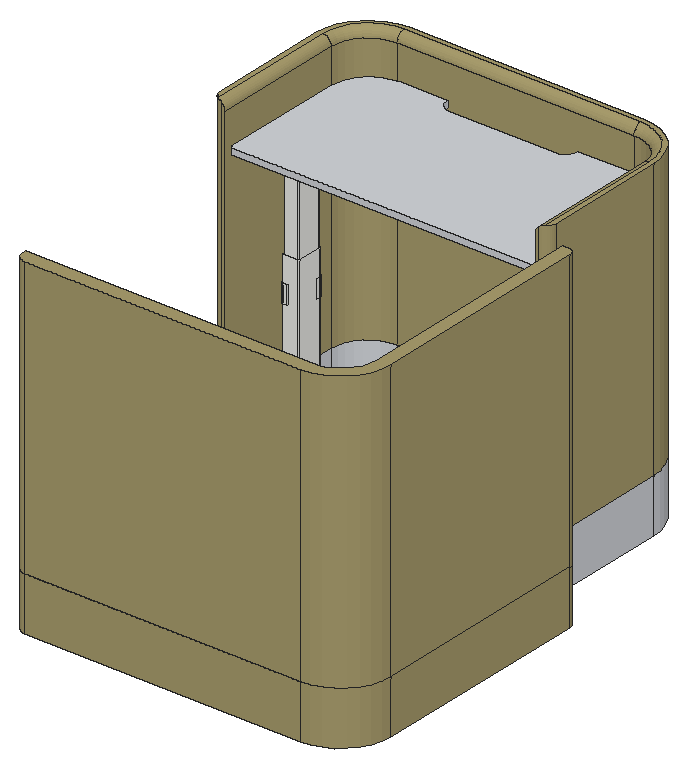
Revit family "NaughtOne_PullmanDeskNOPUL", category Furniture, Revit 2023 (continued)
Definition of nested family "Table top  small"
  Forms (in)
    Extrusion 2, solid, visible <- "Table Top2"
      sketch origin (0, 0, 0) x (1, 0, 0) y (0, 1, 0)
        loop
          arc (22.26442, -8.62022) -> (22.54612, -8.50353) -> (22.66281, -8.22183) r 0.39839
          line (22.66281, -8.22183) -> (22.66281, 4.76036)
          arc (22.66281, 4.76036) -> (22.54537, 5.04388) -> (22.26185, 5.16132) r 0.40096
          line (22.26185, 5.16132) -> (20.29989, 5.16132)
        loop
          arc (-22.24006, 5.15627) -> (-22.52306, 5.03905) -> (-22.64028, 4.75605) r 0.40022
          line (-22.64028, 4.75605) -> (-22.64028, -8.22937)
          arc (-22.64028, -8.22937) -> (-22.52498, -8.50773) -> (-22.24662, -8.62303) r 0.39366
          line (-22.24662, -8.62303) -> (-20.28296, -8.62303)
          arc (-20.28296, -8.62303) -> (-20.00046, -8.50602) -> (-19.88345, -8.22352) r 0.39951
          line (-19.88345, -8.22352) -> (-19.88345, 4.76241)
          arc (-19.88345, 4.76241) -> (-19.99881, 5.04091) -> (-20.27731, 5.15627) r 0.39386
          line (-20.27731, 5.15627) -> (-22.24006, 5.15627)
      from 43.93605 to 44.13121
  Dimensions and locks (in)
    aligned and locked: level to plane 2
    aligned and locked: plane 4 to Extrusion 1
    aligned and locked: Extrusion 1 to plane 5
    aligned and locked: Extrusion 2 to plane 5
Definition of nested family "Table top"
  Parameters (values of type "2 seat booth")
    Watermarked By = "http://revitwatermark.com"
    WarrantyStartDate [instance] = "1900-12-31T23:59:59"
    WarrantyGuarantorParts = "sales@naughtone.com"
    WarrantyGuarantorLabor = "sales@naughtone.com"
    WarrantyDurationUnit = "year"
    WarrantyDurationParts = "5"
    WarrantyDurationLabor = "5"
    WarrantyDescription = "Request warranty information from naughtone"
    Version = "1"
    Uniclass2015Version = "Products v1.13"
    Uniclass2015Title = "Chairs, seats and benches"
    Uniclass2015Code = "Pr_40_50_12"
    Uniclass2 = "n/a"
    URL = "www.naughtone.com"
    Type IFC Predefined Type = "BOOTH"
    TagNumber [instance] = "n/a"
    TableOffset = 7.87402"
    TableMaterial [instance] = none
    Table Top1 = yes
    SustainabilityPerformance = "FSC certifeied, SCS indoor advantage gold"
    Size = "1950 x 1300 x 1300mm"
    Shape = "Rectangular"
    SerialNumber [instance] = "n/a"
    SeatMaterial [instance] = none
    Revision = "n/a"
    ReplacementCost = "n/a"
    ProductInformation = "www.naughtone.com/products/pullman/"
    Product Documentation Link = "http://www.naughtone.com/portfolio-view/Pullman"
    Package Qty = 1
    Name = "Seating_Pullman_Naughtone"
    NBSTypeID = "n/a"
    NBSReference = "45-35-72/352"
    NBSOfficeMasterTag = "n/a"
    NBSDescription = "Seating"
    ModelReference = "Pullman 2 Seat Booth"
    ModelNumber = "PULB2H"
    Model = "NOPUL2"
    Material = "Fabric, plywood frame, foam, steel/wooden legs, wooden table top"
    ManufacturerURL = "www.naughtone.com"
    ManufacturerName = "Naughtone"  # constant formula
    ManufacturerAddress = "Knaresborough Tech Park, Manse Lane, Knaresborough, HG5 8LF"  # constant formula
    Manufacturer = ""
    MainColor = Color  # "Various"
    List Price [instance] = "0.00"
    LegMaterial [instance] = none
    Keynote = "Pr_40_50_12"
    InstallationDate [instance] = "1900-12-31T23:59:59"
    HasWhiteboard [instance] = no
    Grade = "n/a"
    Finish = "Fabric upholstery, oak/walnut wooden legs or black/white steel legs, wooden table top with oak/walnut veneer, white/black laminate, or lino top"
    Features = "n/a"
    FM Label = ""
    Export Type to IFC As = "IfcFurnishingElementType"
    ExpectedLife = "n/a"
    DurationUnit = "year"
    Description = "Pullman Booth 2 seat booth"
    Default Elevation = 0.000"
    CushionOffset = 0.3937"
    Copyright © = "Copyright © Herman Miller, Inc."  # constant formula
    ContactTelephoneNumber = "+44 (0)1423 816500"
    ContactEmailAddress = "sales@naughtone.com"
    Constituents = "n/a"
    Color = "Various"
    CodePerformance = "n/a"
    Category = "Pr_40_50_12 : Chairs, seats and benches"
    Catalog Code [instance] = "NG1"
    Catalog = "naughtone"  # constant formula
    BoothMaterial [instance] = none
    Base Price [instance] = "22190"
    BarCode [instance] = "n/a"
    BIMObjectName = "NAU_Naughtone_Seating_Pullman"
    Author = "BIMBox"  # constant formula
    AssetType = "Movable"
    AssetIdentifier [instance] = "n/a"
    Assembly Code = "E2020200"
    AccessibilityPerformance = "Table Top"
  Reference planes (in)
    plane 1 "Back": y = 0
    plane 2: z = 0
    plane 3 "Center (Left/Right)": x = 0
    plane 4: z = 44.92031
    plane 5: z = 43.93605
    plane 6 "Center L/V": y = 13.43998
    plane 7 "Center L/W": y = -15.9495
    plane 8 "Center L/X": x = -29.0384
    plane 9 "Center L/Y": x = 29.03261
  Forms (in)
    Extrusion 1, solid, visible <- "Table Top1"
      sketch origin (0, 0, 0) x (1, 0, 0) y (0, 1, 0)
        loop
          line (-29.0384, 7.53998) -> (-29.0384, -15.7495)
          arc (-29.0384, -15.7495) -> (-28.97982, -15.89092) -> (-28.8384, -15.9495) r 0.2
          line (-28.8384, -15.9495) -> (28.83261, -15.9495)
          arc (28.83261, -15.9495) -> (28.97403, -15.89092) -> (29.03261, -15.7495) r 0.2
          line (29.03261, -15.7495) -> (29.03261, 7.53998)
          arc (29.03261, 7.53998) -> (27.30454, 11.71191) -> (23.13261, 13.43998) r 5.9
          line (23.13261, 13.43998) -> (15.84139, 13.43998)
          arc (15.84139, 13.43998) -> (15.40743, 12.04647) -> (14.06694, 11.46915) r 1.74632
          line (14.06694, 11.46915) -> (-14.0384, 11.46915)
          arc (-14.0384, 11.46915) -> (-15.41666, 12.02061) -> (-15.8515, 13.43998) r 1.71906
          line (-15.8515, 13.43998) -> (-23.1384, 13.43998)
          arc (-23.1384, 13.43998) -> (-27.31033, 11.71191) -> (-29.0384, 7.53998) r 5.9
      from 43.93605 to 44.92031
    Extrusion 2, solid, visible <- "Table Top1"
      sketch origin (0, 0, 0) x (1, 0, 0) y (0, 1, 0)
        loop
          arc (26.26864, 2.91132) -> (25.98968, 2.79577) -> (25.87413, 2.51681) r 0.39451
          line (25.87413, 2.51681) -> (25.87413, -10.46738)
          arc (25.87413, -10.46738) -> (25.99212, -10.75223) -> (26.27697, -10.87022) r 0.40283
          line (26.27697, -10.87022) -> (28.23317, -10.87022)
          arc (28.23317, -10.87022) -> (28.51487, -10.75353) -> (28.63156, -10.47183) r 0.39839
          line (28.63156, -10.47183) -> (28.63156, 2.51036)
          arc (28.63156, 2.51036) -> (28.51412, 2.79388) -> (28.2306, 2.91132) r 0.40096
          line (28.2306, 2.91132) -> (26.26864, 2.91132)
        loop
          arc (-28.24006, 2.91017) -> (-28.52306, 2.79295) -> (-28.64028, 2.50996) r 0.40022
          line (-28.64028, 2.50996) -> (-28.64028, -10.47547)
          arc (-28.64028, -10.47547) -> (-28.52498, -10.75382) -> (-28.24662, -10.86912) r 0.39366
          line (-28.24662, -10.86912) -> (-26.28296, -10.86912)
          arc (-26.28296, -10.86912) -> (-26.00046, -10.75211) -> (-25.88345, -10.46962) r 0.39951
          line (-25.88345, -10.46962) -> (-25.88345, 2.51631)
          arc (-25.88345, 2.51631) -> (-25.99881, 2.79481) -> (-26.27731, 2.91017) r 0.39386
          line (-26.27731, 2.91017) -> (-28.24006, 2.91017)
      from 43.93605 to 44.13121
  Dimensions and locks (in)
    aligned and locked: level to plane 2
    aligned and locked: plane 4 to Extrusion 1
    aligned and locked: Extrusion 1 to plane 5
    aligned and locked: Extrusion 2 to plane 5
Definition of nested family "Pod SL"
  Parameters (values of type "2 seat booth")
    Watermarked By = "http://revitwatermark.com"
    URL = "www.naughtone.com"
    Type IFC Predefined Type = "BOOTH"
    TableMaterial [instance] = none
    SeatMaterial [instance] = none
    Product Documentation Link = "http://www.naughtone.com/portfolio-view/Pullman"
    Pod SL = yes
    Package Qty = 1
    Model = "NOPUL2"
    ManufacturerAddress = "Knaresborough Tech Park, Manse Lane, Knaresborough, HG5 8LF"  # constant formula
    Manufacturer = ""
    List Price [instance] = "0.00"
    LegMaterial [instance] = none
    Keynote = "Pr_40_50_12"
    HasWhiteboard [instance] = no
    FM Label = ""
    Export Type to IFC As = "IfcFurnishingElementType"
    Description = "Pullman Booth 2 seat booth"
    Default Elevation = 0.000"
    Copyright © = "Copyright © Herman Miller, Inc."  # constant formula
    ContactTelephoneNumber = "+44 (0)1423 816500"
    ContactEmailAddress = "sales@naughtone.com"
    Catalog Code [instance] = "NG1"
    Catalog = "naughtone"  # constant formula
    BoothMaterial [instance] = none
    Base Price [instance] = "22190"
    Assembly Code = "E2020200"
  Reference planes (in)
    plane 1 "Back": y = 0
    plane 2: z = 0
    plane 3 "Center (Left/Right)": x = 0
    plane 4: z = 44.92031
    plane 5: z = 43.93605
    plane 6 "Center L/V": y = 13.69584
    plane 7 "Center L/W": y = -13.69584
    plane 8 "Center L/X": x = -25.69411
    plane 9 "Center L/Y": x = 25.69411
    plane 10: y = -49.0637
    plane 11: z = 51.04005
    plane 12: z = 8.49467
  Forms (in)
    Extrusion 1, solid, visible <- "Pod SL"
      sketch origin (0, 0, 0) x (1, 0, 0) y (0, 1, 0)
        loop
          line (-18.00265, -49.0637) -> (16.05589, -49.0637)
          arc (16.05589, -49.0637) -> (17.11655, -48.62436) -> (17.55589, -47.5637) r 1.5
          line (17.55589, -47.5637) -> (17.55589, -47.0637) -> (-18.115, -47.0637)
          arc (-18.115, -47.0637) -> (-22.06003, -45.42962) -> (-23.69411, -41.48459) r 5.57911
          line (-23.69411, -41.48459) -> (-23.69411, -14.02612) -> (-24.39009, -14.02612)
          arc (-24.39009, -14.02612) -> (-25.31217, -14.40805) -> (-25.69411, -15.33013) r 1.30402
          line (-25.69411, -15.33013) -> (-25.69411, -41.37224)
          arc (-25.69411, -41.37224) -> (-23.44133, -46.81092) -> (-18.00265, -49.0637) r 7.69146
      from 0.30595 to 8.49467
    Extrusion 2, solid, visible <- "Pod SL"
      sketch origin (0, 0, 19) x (1, 0, 0) y (0, 1, 0)
        loop
          line (-18.00265, -49.0637) -> (16.05589, -49.0637)
          arc (16.05589, -49.0637) -> (17.11655, -48.62436) -> (17.55589, -47.5637) r 1.5
          line (17.55589, -47.5637) -> (17.55589, -47.0637) -> (-18.115, -47.0637)
          arc (-18.115, -47.0637) -> (-22.06003, -45.42962) -> (-23.69411, -41.48459) r 5.57911
          line (-23.69411, -41.48459) -> (-23.69411, -14.02612) -> (-24.39009, -14.02612)
          arc (-24.39009, -14.02612) -> (-25.31217, -14.40805) -> (-25.69411, -15.33013) r 1.30402
          line (-25.69411, -15.33013) -> (-25.69411, -41.37224)
          arc (-25.69411, -41.37224) -> (-23.44133, -46.81092) -> (-18.00265, -49.0637) r 7.69146
      from -10.50533 to 32.04005
  Dimensions and locks (in)
    equal spacing: plane 8 "Center L/X", plane 3 "Center (Left/Right)", plane 9 "Center L/Y"
    equal spacing: plane 7 "Center L/W", plane 1 "Back", plane 6 "Center L/V"
    radius of Extrusion 1 sketch curve = 5.57911"
    radius of Extrusion 2 sketch curve = 5.57911"
    aligned and locked: level to plane 2
    aligned and locked: Extrusion 1 sketch curve to plane 10
    aligned and locked: Extrusion 1 sketch curve to plane 8 "Center L/X"
    aligned and locked: plane 12 to Extrusion 1
    aligned and locked: Extrusion 2 to plane 11
    aligned and locked: Extrusion 2 to plane 12
  Automatic sketch dimensions
    plane 8 "Center L/X" to Extrusion 1 sketch curve = 1.30402"
    plane 7 "Center L/W" to Extrusion 1 sketch curve = 0.33028"
    Extrusion 1 sketch curve to Extrusion 1 sketch curve = 0.69598"
    Extrusion 1 sketch curve to Extrusion 1 sketch curve = 0.11236"
    Extrusion 1 sketch curve to plane 9 "Center L/Y" = 9.63822"
    Extrusion 1 sketch curve to Extrusion 1 sketch curve = 1.500"
    Extrusion 1 sketch curve to Extrusion 1 sketch curve = 0.500"
    Extrusion 2 sketch curve to plane 8 "Center L/X" = 0.000"
    Extrusion 2 sketch curve to plane 10 = 0.000"
    plane 8 "Center L/X" to Extrusion 2 sketch curve = 1.30402"
    plane 7 "Center L/W" to Extrusion 2 sketch curve = 0.33028"
    Extrusion 2 sketch curve to Extrusion 2 sketch curve = 0.69598"
    Extrusion 2 sketch curve to Extrusion 2 sketch curve = 0.11236"
    Extrusion 2 sketch curve to plane 9 "Center L/Y" = 9.63822"
    Extrusion 2 sketch curve to Extrusion 2 sketch curve = 1.500"
    Extrusion 2 sketch curve to Extrusion 2 sketch curve = 0.500"
Definition of nested family "Pod SR"
  Parameters (values of type "2 seat booth")
    Watermarked By = "http://revitwatermark.com"
    URL = "www.naughtone.com"
    Type IFC Predefined Type = "BOOTH"
    TableMaterial [instance] = none
    SeatMaterial [instance] = none
    Product Documentation Link = "http://www.naughtone.com/portfolio-view/Pullman"
    Pod RS = yes
    Package Qty = 1
    Model = "NOPUL2"
    ManufacturerAddress = "Knaresborough Tech Park, Manse Lane, Knaresborough, HG5 8LF"  # constant formula
    Manufacturer = ""
    List Price [instance] = "0.00"
    LegMaterial [instance] = none
    Keynote = "Pr_40_50_12"
    HasWhiteboard [instance] = no
    FM Label = ""
    Export Type to IFC As = "IfcFurnishingElementType"
    Description = "Pullman Booth 2 seat booth"
    Default Elevation = 0.000"
    Copyright © = "Copyright © Herman Miller, Inc."  # constant formula
    ContactTelephoneNumber = "+44 (0)1423 816500"
    ContactEmailAddress = "sales@naughtone.com"
    Catalog Code [instance] = "NG1"
    Catalog = "naughtone"  # constant formula
    BoothMaterial [instance] = none
    Base Price [instance] = "22190"
    Assembly Code = "E2020200"
  Reference planes (in)
    plane 1 "Back": y = 0
    plane 2: z = 0
    plane 3 "Center (Left/Right)": x = 0
    plane 4: z = 44.92031
    plane 5: z = 43.93605
    plane 6 "Center L/V": y = 13.69584
    plane 7 "Center L/W": y = -13.69584
    plane 8 "Center L/X": x = -25.69411
    plane 9 "Center L/Y": x = 25.69411
    plane 10: y = -49.0637
    plane 11: z = 51.04005
    plane 12: z = 8.49467
  Forms (in)
    Extrusion 1, solid, material <- "BoothMaterial", visible <- "Pod RS"
      sketch origin (0, 0, 0) x (-1, 0, 0) y (0, -1, 0)
        loop
          arc (-18.00265, 49.0637) -> (-23.44133, 46.81092) -> (-25.69411, 41.37224) r 7.69146
          line (-25.69411, 41.37224) -> (-25.69411, 15.33013)
          arc (-25.69411, 15.33013) -> (-25.31217, 14.40805) -> (-24.39009, 14.02612) r 1.30402
          line (-24.39009, 14.02612) -> (-23.69411, 14.02612) -> (-23.69411, 41.48459)
          arc (-23.69411, 41.48459) -> (-22.06003, 45.42962) -> (-18.115, 47.0637) r 5.57911
          line (-18.115, 47.0637) -> (17.55589, 47.0637) -> (17.55589, 47.5637)
          arc (17.55589, 47.5637) -> (17.11655, 48.62436) -> (16.05589, 49.0637) r 1.5
          line (16.05589, 49.0637) -> (-18.00265, 49.0637)
      from 0.30595 to 8.49467
    Extrusion 2, solid, material <- "BoothMaterial", visible <- "Pod RS"
      sketch origin (0, 0, 19) x (-1, 0, 0) y (0, -1, 0)
        loop
          arc (-18.00265, 49.0637) -> (-23.44133, 46.81092) -> (-25.69411, 41.37224) r 7.69146
          line (-25.69411, 41.37224) -> (-25.69411, 15.33013)
          arc (-25.69411, 15.33013) -> (-25.31217, 14.40805) -> (-24.39009, 14.02612) r 1.30402
          line (-24.39009, 14.02612) -> (-23.69411, 14.02612) -> (-23.69411, 41.48459)
          arc (-23.69411, 41.48459) -> (-22.06003, 45.42962) -> (-18.115, 47.0637) r 5.57911
          line (-18.115, 47.0637) -> (17.55589, 47.0637) -> (17.55589, 47.5637)
          arc (17.55589, 47.5637) -> (17.11655, 48.62436) -> (16.05589, 49.0637) r 1.5
          line (16.05589, 49.0637) -> (-18.00265, 49.0637)
      from -10.50533 to 32.04005
  Dimensions and locks (in)
    equal spacing: plane 8 "Center L/X", plane 3 "Center (Left/Right)", plane 9 "Center L/Y"
    equal spacing: plane 7 "Center L/W", plane 1 "Back", plane 6 "Center L/V"
    radius of Extrusion 1 sketch curve = 5.57911"
    radius of Extrusion 2 sketch curve = 5.57911"
    aligned and locked: level to plane 2
  Automatic sketch dimensions
    Extrusion 1 sketch curve to plane 9 "Center L/Y" = 0.000"
    Extrusion 1 sketch curve to plane 10 = 0.000"
    Extrusion 1 sketch curve to plane 9 "Center L/Y" = 1.30402"
    plane 7 "Center L/W" to Extrusion 1 sketch curve = 0.33028"
    Extrusion 1 sketch curve to Extrusion 1 sketch curve = 0.69598"
    Extrusion 1 sketch curve to Extrusion 1 sketch curve = 0.11236"  (x2)
    plane 8 "Center L/X" to Extrusion 1 sketch curve = 9.63822"
    Extrusion 1 sketch curve to Extrusion 1 sketch curve = 1.500"
    Extrusion 2 sketch curve to plane 9 "Center L/Y" = 0.000"
    Extrusion 2 sketch curve to plane 10 = 0.000"
    Extrusion 2 sketch curve to plane 9 "Center L/Y" = 1.30402"
    plane 7 "Center L/W" to Extrusion 2 sketch curve = 0.33028"
    Extrusion 2 sketch curve to Extrusion 2 sketch curve = 0.69598"
    Extrusion 2 sketch curve to Extrusion 2 sketch curve = 0.11236"  (x2)
    plane 8 "Center L/X" to Extrusion 2 sketch curve = 9.63822"
    Extrusion 2 sketch curve to Extrusion 2 sketch curve = 1.500"
Definition of nested family "Switch L"
  Parameters (values of type "2 seat booth")
    Watermarked By = "http://revitwatermark.com"
    URL = "www.naughtone.com"
    Type IFC Predefined Type = "BOOTH"
    TableMaterial [instance] = none
    Switch = yes
    SeatMaterial [instance] = none
    Product Documentation Link = "http://www.naughtone.com/portfolio-view/Pullman"
    Package Qty = 1
    Model = "NOPUL2"
    ManufacturerAddress = "Knaresborough Tech Park, Manse Lane, Knaresborough, HG5 8LF"  # constant formula
    Manufacturer = ""
    List Price [instance] = "0.00"
    LegMaterial [instance] = none
    Keynote = "Pr_40_50_12"
    HasWhiteboard [instance] = no
    FM Label = ""
    Export Type to IFC As = "IfcFurnishingElementType"
    Description = "Pullman Booth 2 seat booth"
    Default Elevation = 0.000"
    Copyright © = "Copyright © Herman Miller, Inc."  # constant formula
    ContactTelephoneNumber = "+44 (0)1423 816500"
    ContactEmailAddress = "sales@naughtone.com"
    Catalog Code [instance] = "NG1"
    Catalog = "naughtone"  # constant formula
    BoothMaterial [instance] = none
    Base Price [instance] = "22190"
    Assembly Code = "E2020200"
  Reference planes (in)
    plane 1 "Back": y = 0
    plane 2: z = 0
    plane 3 "Center (Left/Right)": x = 0
    plane 4: z = 44.92031
    plane 5: z = 43.93605
  Forms (in)
    Extrusion 1, solid, material <- "TableMaterial", visible <- "Switch"
      sketch origin (24.10329, 12.6954, 0) x (1, 0, 0) y (0, 1, 0)
        loop
          line (-22.60662, -9.571) -> (-25.59996, -9.571)
          arc (-25.59996, -9.571) -> (-25.77674, -9.64422) -> (-25.84996, -9.821) r 0.25
          line (-25.84996, -9.821) -> (-25.84996, -13.37902)
          arc (-25.84996, -13.37902) -> (-25.80059, -13.4982) -> (-25.68141, -13.54756) r 0.16855
          line (-25.68141, -13.54756) -> (-22.4973, -13.54756)
          arc (-22.4973, -13.54756) -> (-22.38868, -13.50257) -> (-22.34369, -13.39396) r 0.15361
          line (-22.34369, -13.39396) -> (-22.34369, -9.83393)
          arc (-22.34369, -9.83393) -> (-22.4207, -9.64801) -> (-22.60662, -9.571) r 0.26293
      from 42.75275 to 43.93605
    Extrusion 2, solid, material <- "TableMaterial", visible <- "Switch"
      sketch origin (-1.74667, 3.14784, 0) x (0, -1, 0) y (0, 0, 1)
        loop
          line (6.1771, 43.06704) -> (4.13577, 43.39278)
          arc (4.13577, 43.39278) -> (4.05763, 43.37591) -> (4.01142, 43.31068) r 0.11028
          line (4.01142, 43.31068) -> (3.8775, 42.77617) -> (4.0003, 42.78046)
          arc (4.0003, 42.78046) -> (4.12793, 43.03463) -> (4.38951, 43.14629) r 0.4136
          line (4.38951, 43.14629) -> (6.2601, 42.85578) -> (6.27275, 42.93506)
          arc (6.27275, 42.93506) -> (6.25226, 43.02086) -> (6.1771, 43.06704) r 0.11526
      from -3.50572 to -0.00928
  Dimensions and locks (in)
    aligned and locked: level to plane 2
    aligned and locked: plane 5 to Extrusion 1
Definition of nested family "Switch R"
  Parameters (values of type "2 seat booth")
    Watermarked By = "http://revitwatermark.com"
    WarrantyStartDate [instance] = "1900-12-31T23:59:59"
    WarrantyGuarantorParts = "sales@naughtone.com"
    WarrantyGuarantorLabor = "sales@naughtone.com"
    URL = "www.naughtone.com"
    Type IFC Predefined Type = "BOOTH"
    TableMaterial [instance] = none
    Switch = yes
    SeatMaterial [instance] = none
    Product Documentation Link = "http://www.naughtone.com/portfolio-view/Pullman"
    Package Qty = 1
    Model = "NOPUL2"
    ManufacturerAddress = "Knaresborough Tech Park, Manse Lane, Knaresborough, HG5 8LF"  # constant formula
    Manufacturer = ""
    List Price [instance] = "0.00"
    LegMaterial [instance] = none
    Keynote = "Pr_40_50_12"
    HasWhiteboard [instance] = no
    FM Label = ""
    Export Type to IFC As = "IfcFurnishingElementType"
    Description = "Pullman Booth 2 seat booth"
    Default Elevation = 0.000"
    Copyright © = "Copyright © Herman Miller, Inc."  # constant formula
    ContactTelephoneNumber = "+44 (0)1423 816500"
    ContactEmailAddress = "sales@naughtone.com"
    Catalog Code [instance] = "NG1"
    Catalog = "naughtone"  # constant formula
    BoothMaterial [instance] = none
    Base Price [instance] = "22190"
    Assembly Code = "E2020200"
  Reference planes (in)
    plane 1 "Back": y = 0
    plane 2: z = 0
    plane 3 "Center (Left/Right)": x = 0
    plane 4: z = 44.92031
    plane 5: z = 43.93605
  Forms (in)
    Extrusion 1, solid, not visible
      sketch origin (-27.75, 0, 0) x (1, 0, 0) y (0, 1, 0)
        loop
          line (26.46746, -0.46896) -> (26.58063, -0.46896) -> (26.58063, 0.1923)
          arc (26.58063, 0.1923) -> (26.61757, 0.2815) -> (26.70677, 0.31844) r 0.12614
          line (26.70677, 0.31844) -> (29.25846, 0.31844)
          arc (29.25846, 0.31844) -> (29.42546, 0.38762) -> (29.49464, 0.55462) r 0.23617
          line (29.49464, 0.55462) -> (29.49464, 1.89325) -> (29.38043, 1.89325) -> (29.38043, 0.56227)
          arc (29.38043, 0.56227) -> (29.34304, 0.47198) -> (29.25275, 0.43458) r 0.12768
          line (29.25275, 0.43458) -> (26.69773, 0.43458)
          arc (26.69773, 0.43458) -> (26.53491, 0.36714) -> (26.46746, 0.20431) r 0.23027
          line (26.46746, 0.20431) -> (26.46746, -0.46896)
        loop
          line (29.22277, -3.65924) -> (29.22277, 0.0925)
          arc (29.22277, 0.0925) -> (29.25476, 0.16974) -> (29.332, 0.20173) r 0.10923
          line (29.332, 0.20173) -> (29.38072, 0.20173)
          arc (29.38072, 0.20173) -> (29.54747, 0.2708) -> (29.61654, 0.43755) r 0.23582
          line (29.61654, 0.43755) -> (29.49758, 0.43755)
          arc (29.49758, 0.43755) -> (29.46061, 0.3483) -> (29.37136, 0.31133) r 0.12622
          line (29.37136, 0.31133) -> (29.31263, 0.31133)
          arc (29.31263, 0.31133) -> (29.16454, 0.24999) -> (29.1032, 0.1019) r 0.20943
          line (29.1032, 0.1019) -> (29.1032, -3.66584)
          arc (29.1032, -3.66584) -> (29.07088, -3.74386) -> (28.99285, -3.77618) r 0.11034
          line (28.99285, -3.77618) -> (28.31993, -3.77618) -> (28.31993, -3.89468) -> (28.98733, -3.89468)
          arc (28.98733, -3.89468) -> (29.15381, -3.82572) -> (29.22277, -3.65924) r 0.23543
      from 3.15016 to 5.90606
    Extrusion 2, solid, not visible
      sketch origin (1.63043, 1.67906, 0) x (0, 1, 0) y (0, 0, -1)
        loop
          arc (0.1383, -6.85063) -> (0.21712, -6.81798) -> (0.24976, -6.73917) r 0.11146
          line (0.24976, -6.73917) -> (0.24976, -2.31226)
          arc (0.24976, -2.31226) -> (0.21867, -2.23719) -> (0.14361, -2.2061) r 0.10616
          line (0.14361, -2.2061) -> (-1.12453, -2.2061)
          arc (-1.12453, -2.2061) -> (-1.20789, -2.24063) -> (-1.24242, -2.32399) r 0.11789
          line (-1.24242, -2.32399) -> (-1.24242, -6.73212)
          arc (-1.24242, -6.73212) -> (-1.20771, -6.81592) -> (-1.12391, -6.85063) r 0.11851
          line (-1.12391, -6.85063) -> (0.1383, -6.85063)
        loop
          circle (-0.76888, -6.37822) r 0.12915
        loop
          circle (-0.21884, -2.67741) r 0.12901
      from -0.23859 to -0.11811
    Extrusion 3, solid, not visible
      sketch origin (-27.75, 0, 16.14062) x (1, 0, 0) y (0, 1, 0)
        loop
          line (26.46746, -0.46896) -> (26.58063, -0.46896) -> (26.58063, 0.1923)
          arc (26.58063, 0.1923) -> (26.61757, 0.2815) -> (26.70677, 0.31844) r 0.12614
          line (26.70677, 0.31844) -> (29.25846, 0.31844)
          arc (29.25846, 0.31844) -> (29.42546, 0.38762) -> (29.49464, 0.55462) r 0.23617
          line (29.49464, 0.55462) -> (29.49464, 1.89325) -> (29.38043, 1.89325) -> (29.38043, 0.56227)
          arc (29.38043, 0.56227) -> (29.34304, 0.47198) -> (29.25275, 0.43458) r 0.12768
          line (29.25275, 0.43458) -> (26.69773, 0.43458)
          arc (26.69773, 0.43458) -> (26.53491, 0.36714) -> (26.46746, 0.20431) r 0.23027
          line (26.46746, 0.20431) -> (26.46746, -0.46896)
        loop
          line (29.22277, -3.65924) -> (29.22277, 0.0925)
          arc (29.22277, 0.0925) -> (29.25476, 0.16974) -> (29.332, 0.20173) r 0.10923
          line (29.332, 0.20173) -> (29.38072, 0.20173)
          arc (29.38072, 0.20173) -> (29.54747, 0.2708) -> (29.61654, 0.43755) r 0.23582
          line (29.61654, 0.43755) -> (29.49758, 0.43755)
          arc (29.49758, 0.43755) -> (29.46061, 0.3483) -> (29.37136, 0.31133) r 0.12622
          line (29.37136, 0.31133) -> (29.31263, 0.31133)
          arc (29.31263, 0.31133) -> (29.16454, 0.24999) -> (29.1032, 0.1019) r 0.20943
          line (29.1032, 0.1019) -> (29.1032, -3.66584)
          arc (29.1032, -3.66584) -> (29.07088, -3.74386) -> (28.99285, -3.77618) r 0.11034
          line (28.99285, -3.77618) -> (28.31993, -3.77618) -> (28.31993, -3.89468) -> (28.98733, -3.89468)
          arc (28.98733, -3.89468) -> (29.15381, -3.82572) -> (29.22277, -3.65924) r 0.23543
      from 3.15016 to 5.90606
    Extrusion 4, solid, not visible
      sketch origin (1.63043, 1.67906, 16.14062) x (0, 1, 0) y (0, 0, -1)
        loop
          arc (0.1383, -6.85063) -> (0.21712, -6.81798) -> (0.24976, -6.73917) r 0.11146
          line (0.24976, -6.73917) -> (0.24976, -2.31226)
          arc (0.24976, -2.31226) -> (0.21867, -2.23719) -> (0.14361, -2.2061) r 0.10616
          line (0.14361, -2.2061) -> (-1.12453, -2.2061)
          arc (-1.12453, -2.2061) -> (-1.20789, -2.24063) -> (-1.24242, -2.32399) r 0.11789
          line (-1.24242, -2.32399) -> (-1.24242, -6.73212)
          arc (-1.24242, -6.73212) -> (-1.20771, -6.81592) -> (-1.12391, -6.85063) r 0.11851
          line (-1.12391, -6.85063) -> (0.1383, -6.85063)
        loop
          circle (-0.76888, -6.37822) r 0.12915
        loop
          circle (-0.21884, -2.67741) r 0.12901
      from -0.23859 to -0.11811
    Revolve 5, solid, not visible
      sketch origin (0.08233, 0.08222, 5.90606) x (0, 0, 1) y (0, 1, 0)
        loop
          line (-3.76725, -3.48062) -> (-3.76725, -3.31328) -> (-5.90605, -3.31328) -> (-5.90605, -4.13271)
          arc (-5.90605, -4.13271) -> (-5.88697, -4.17877) -> (-5.84091, -4.19785) r 0.06515
          line (-5.84091, -4.19785) -> (-5.73593, -4.19785)
          arc (-5.73593, -4.19785) -> (-5.68884, -4.18109) -> (-5.66293, -4.13834) r 0.07453
          line (-5.66293, -4.13834) -> (-5.55437, -3.61051) -> (-5.55096, -3.56176)
          arc (-5.55096, -3.56176) -> (-5.53883, -3.59602) -> (-5.5055, -3.61051) r 0.04557
          line (-5.5055, -3.61051) -> (-4.4175, -3.61051)
          arc (-4.4175, -3.61051) -> (-4.40313, -3.60456) -> (-4.39718, -3.59019) r 0.02032
          line (-4.39718, -3.59019) -> (-4.39718, -3.52994)
          arc (-4.39718, -3.52994) -> (-4.39141, -3.51601) -> (-4.37749, -3.51025) r 0.01969
          line (-4.37749, -3.51025) -> (-3.79688, -3.51025) -> (-3.76725, -3.48062)
        axis (-3.76725, -3.31328) -> (-5.90605, -3.31328)
      angle from 0 to 360
    Revolve 6, solid, not visible
      sketch origin (0.08623, 3.07376, 5.90606) x (0, 0, 1) y (0, 1, 0)
        loop
          line (-3.76725, -3.48062) -> (-3.76725, -3.31328) -> (-5.90605, -3.31328) -> (-5.90605, -4.13271)
          arc (-5.90605, -4.13271) -> (-5.88697, -4.17877) -> (-5.84091, -4.19785) r 0.06515
          line (-5.84091, -4.19785) -> (-5.73593, -4.19785)
          arc (-5.73593, -4.19785) -> (-5.68884, -4.18109) -> (-5.66293, -4.13834) r 0.07453
          line (-5.66293, -4.13834) -> (-5.55437, -3.61051) -> (-5.55096, -3.56176)
          arc (-5.55096, -3.56176) -> (-5.53883, -3.59602) -> (-5.5055, -3.61051) r 0.04557
          line (-5.5055, -3.61051) -> (-4.4175, -3.61051)
          arc (-4.4175, -3.61051) -> (-4.40313, -3.60456) -> (-4.39718, -3.59019) r 0.02032
          line (-4.39718, -3.59019) -> (-4.39718, -3.52994)
          arc (-4.39718, -3.52994) -> (-4.39141, -3.51601) -> (-4.37749, -3.51025) r 0.01969
          line (-4.37749, -3.51025) -> (-3.79688, -3.51025) -> (-3.76725, -3.48062)
        axis (-3.76725, -3.31328) -> (-5.90605, -3.31328)
      angle from 0 to 360
    Extrusion 7, solid, not visible
      sketch origin (1.85006, 0.3496, 22.0478) x (0, 1, 0) y (-1, 0, 0)
        loop
          line (-3.98694, 2.76448) -> (-3.98694, 2.62449) -> (-3.89041, 2.62449)
          arc (-3.89041, 2.62449) -> (-3.7845, 2.58062) -> (-3.74063, 2.47471) r 0.14978
          line (-3.74063, 2.47471) -> (-3.74063, 2.39484)
          arc (-3.74063, 2.39484) -> (-3.78321, 2.29207) -> (-3.88598, 2.2495) r 0.14535
          line (-3.88598, 2.2495) -> (-3.98694, 2.2495) -> (-3.98694, 0.76877)
          arc (-3.98694, 0.76877) -> (-3.95232, 0.68518) -> (-3.86873, 0.65056) r 0.11821
          line (-3.86873, 0.65056) -> (-0.29668, 0.65056)
          arc (-0.29668, 0.65056) -> (-0.21668, 0.6837) -> (-0.18354, 0.7637) r 0.11314
          line (-0.18354, 0.7637) -> (-0.18354, 0.90464) -> (-0.2877, 0.90464)
          arc (-0.2877, 0.90464) -> (-0.38584, 0.94529) -> (-0.42649, 1.04343) r 0.13879
          line (-0.42649, 1.04343) -> (-0.42649, 1.13493)
          arc (-0.42649, 1.13493) -> (-0.3844, 1.23654) -> (-0.28279, 1.27862) r 0.1437
          line (-0.28279, 1.27862) -> (-0.18354, 1.27862) -> (-0.18354, 2.76118)
          arc (-0.18354, 2.76118) -> (-0.21804, 2.84447) -> (-0.30134, 2.87897) r 0.11779
          line (-0.30134, 2.87897) -> (-3.87245, 2.87897)
          arc (-3.87245, 2.87897) -> (-3.95341, 2.84544) -> (-3.98694, 2.76448) r 0.11449
        loop
          arc (-2.42601, 1.9321) -> (-2.45317, 1.90209) -> (-2.49209, 1.89097) r 0.07364
          line (-2.49209, 1.89097) -> (-2.53194, 1.89097)
          arc (-2.53194, 1.89097) -> (-2.6036, 1.86128) -> (-2.63329, 1.78962) r 0.10135
          line (-2.63329, 1.78962) -> (-2.63329, 1.74672)
          arc (-2.63329, 1.74672) -> (-2.60174, 1.67056) -> (-2.52558, 1.63901) r 0.1077
          line (-2.52558, 1.63901) -> (-2.47158, 1.63901)
          arc (-2.47158, 1.63901) -> (-2.44933, 1.63233) -> (-2.43445, 1.6145) r 0.04039
          arc (-2.43445, 1.6145) -> (-2.0832, 1.38352) -> (-1.73353, 1.61688) r 0.38059
          arc (-1.73353, 1.61688) -> (-1.71545, 1.63876) -> (-1.68829, 1.64697) r 0.04907
          line (-1.68829, 1.64697) -> (-1.61578, 1.64697)
          arc (-1.61578, 1.64697) -> (-1.55861, 1.67064) -> (-1.53494, 1.72781) r 0.08084
          line (-1.53494, 1.72781) -> (-1.53494, 1.78526)
          arc (-1.53494, 1.78526) -> (-1.5659, 1.86001) -> (-1.64064, 1.89097) r 0.1057
          line (-1.64064, 1.89097) -> (-1.6974, 1.89097)
          arc (-1.6974, 1.89097) -> (-1.72017, 1.89776) -> (-1.73549, 1.91594) r 0.04154
          arc (-1.73549, 1.91594) -> (-2.07559, 2.1446) -> (-2.42601, 1.9321) r 0.38059
      from -20.21411 to -19.95053
    Extrusion 8, solid, not visible
      sketch origin (-27.83233, 1.875, 0) x (1, 0, 0) y (0, 1, 0)
        loop
          line (26.46746, -0.46896) -> (26.58063, -0.46896) -> (26.58063, 0.1923)
          arc (26.58063, 0.1923) -> (26.61757, 0.2815) -> (26.70677, 0.31844) r 0.12614
          line (26.70677, 0.31844) -> (29.25846, 0.31844)
          arc (29.25846, 0.31844) -> (29.42546, 0.38762) -> (29.49464, 0.55462) r 0.23617
          line (29.49464, 0.55462) -> (29.49464, 1.89325) -> (29.38043, 1.89325) -> (29.38043, 0.56227)
          arc (29.38043, 0.56227) -> (29.34304, 0.47198) -> (29.25275, 0.43458) r 0.12768
          line (29.25275, 0.43458) -> (26.69773, 0.43458)
          arc (26.69773, 0.43458) -> (26.53491, 0.36714) -> (26.46746, 0.20431) r 0.23027
          line (26.46746, 0.20431) -> (26.46746, -0.46896)
        loop
          line (29.22277, -3.65924) -> (29.22277, 0.0925)
          arc (29.22277, 0.0925) -> (29.25476, 0.16974) -> (29.332, 0.20173) r 0.10923
          line (29.332, 0.20173) -> (29.38072, 0.20173)
          arc (29.38072, 0.20173) -> (29.54747, 0.2708) -> (29.61654, 0.43755) r 0.23582
          line (29.61654, 0.43755) -> (29.49758, 0.43755)
          arc (29.49758, 0.43755) -> (29.46061, 0.3483) -> (29.37136, 0.31133) r 0.12622
          line (29.37136, 0.31133) -> (29.31263, 0.31133)
          arc (29.31263, 0.31133) -> (29.16454, 0.24999) -> (29.1032, 0.1019) r 0.20943
          line (29.1032, 0.1019) -> (29.1032, -3.66584)
          arc (29.1032, -3.66584) -> (29.07088, -3.74386) -> (28.99285, -3.77618) r 0.11034
          line (28.99285, -3.77618) -> (28.31993, -3.77618) -> (28.31993, -3.89468) -> (28.98733, -3.89468)
          arc (28.98733, -3.89468) -> (29.15381, -3.82572) -> (29.22277, -3.65924) r 0.23543
      from 3.15016 to 5.90606
    Extrusion 9, solid, not visible
      sketch origin (1.54811, 3.55406, 0) x (0, 1, 0) y (0, 0, -1)
        loop
          arc (0.1383, -6.85063) -> (0.21712, -6.81798) -> (0.24976, -6.73917) r 0.11146
          line (0.24976, -6.73917) -> (0.24976, -2.31226)
          arc (0.24976, -2.31226) -> (0.21867, -2.23719) -> (0.14361, -2.2061) r 0.10616
          line (0.14361, -2.2061) -> (-1.12453, -2.2061)
          arc (-1.12453, -2.2061) -> (-1.20789, -2.24063) -> (-1.24242, -2.32399) r 0.11789
          line (-1.24242, -2.32399) -> (-1.24242, -6.73212)
          arc (-1.24242, -6.73212) -> (-1.20771, -6.81592) -> (-1.12391, -6.85063) r 0.11851
          line (-1.12391, -6.85063) -> (0.1383, -6.85063)
        loop
          circle (-0.76888, -6.37822) r 0.12915
        loop
          circle (-0.21884, -2.67741) r 0.12901
      from -0.23859 to -0.11811
    Extrusion 10, solid, not visible
      sketch origin (-27.83233, 1.875, 16.14062) x (1, 0, 0) y (0, 1, 0)
        loop
          line (26.46746, -0.46896) -> (26.58063, -0.46896) -> (26.58063, 0.1923)
          arc (26.58063, 0.1923) -> (26.61757, 0.2815) -> (26.70677, 0.31844) r 0.12614
          line (26.70677, 0.31844) -> (29.25846, 0.31844)
          arc (29.25846, 0.31844) -> (29.42546, 0.38762) -> (29.49464, 0.55462) r 0.23617
          line (29.49464, 0.55462) -> (29.49464, 1.89325) -> (29.38043, 1.89325) -> (29.38043, 0.56227)
          arc (29.38043, 0.56227) -> (29.34304, 0.47198) -> (29.25275, 0.43458) r 0.12768
          line (29.25275, 0.43458) -> (26.69773, 0.43458)
          arc (26.69773, 0.43458) -> (26.53491, 0.36714) -> (26.46746, 0.20431) r 0.23027
          line (26.46746, 0.20431) -> (26.46746, -0.46896)
        loop
          line (29.22277, -3.65924) -> (29.22277, 0.0925)
          arc (29.22277, 0.0925) -> (29.25476, 0.16974) -> (29.332, 0.20173) r 0.10923
          line (29.332, 0.20173) -> (29.38072, 0.20173)
          arc (29.38072, 0.20173) -> (29.54747, 0.2708) -> (29.61654, 0.43755) r 0.23582
          line (29.61654, 0.43755) -> (29.49758, 0.43755)
          arc (29.49758, 0.43755) -> (29.46061, 0.3483) -> (29.37136, 0.31133) r 0.12622
          line (29.37136, 0.31133) -> (29.31263, 0.31133)
          arc (29.31263, 0.31133) -> (29.16454, 0.24999) -> (29.1032, 0.1019) r 0.20943
          line (29.1032, 0.1019) -> (29.1032, -3.66584)
          arc (29.1032, -3.66584) -> (29.07088, -3.74386) -> (28.99285, -3.77618) r 0.11034
          line (28.99285, -3.77618) -> (28.31993, -3.77618) -> (28.31993, -3.89468) -> (28.98733, -3.89468)
          arc (28.98733, -3.89468) -> (29.15381, -3.82572) -> (29.22277, -3.65924) r 0.23543
      from 3.15016 to 5.90606
    Extrusion 11, solid, not visible
      sketch origin (1.54811, 3.55406, 16.14062) x (0, 1, 0) y (0, 0, -1)
        loop
          arc (0.1383, -6.85063) -> (0.21712, -6.81798) -> (0.24976, -6.73917) r 0.11146
          line (0.24976, -6.73917) -> (0.24976, -2.31226)
          arc (0.24976, -2.31226) -> (0.21867, -2.23719) -> (0.14361, -2.2061) r 0.10616
          line (0.14361, -2.2061) -> (-1.12453, -2.2061)
          arc (-1.12453, -2.2061) -> (-1.20789, -2.24063) -> (-1.24242, -2.32399) r 0.11789
          line (-1.24242, -2.32399) -> (-1.24242, -6.73212)
          arc (-1.24242, -6.73212) -> (-1.20771, -6.81592) -> (-1.12391, -6.85063) r 0.11851
          line (-1.12391, -6.85063) -> (0.1383, -6.85063)
        loop
          circle (-0.76888, -6.37822) r 0.12915
        loop
          circle (-0.21884, -2.67741) r 0.12901
      from -0.23859 to -0.11811
    Revolve 12, solid, not visible
      sketch origin (0, 1.95722, 5.90606) x (0, 0, 1) y (0, 1, 0)
        loop
          line (-3.76725, -3.48062) -> (-3.76725, -3.31328) -> (-5.90605, -3.31328) -> (-5.90605, -4.13271)
          arc (-5.90605, -4.13271) -> (-5.88697, -4.17877) -> (-5.84091, -4.19785) r 0.06515
          line (-5.84091, -4.19785) -> (-5.73593, -4.19785)
          arc (-5.73593, -4.19785) -> (-5.68884, -4.18109) -> (-5.66293, -4.13834) r 0.07453
          line (-5.66293, -4.13834) -> (-5.55437, -3.61051) -> (-5.55096, -3.56176)
          arc (-5.55096, -3.56176) -> (-5.53883, -3.59602) -> (-5.5055, -3.61051) r 0.04557
          line (-5.5055, -3.61051) -> (-4.4175, -3.61051)
          arc (-4.4175, -3.61051) -> (-4.40313, -3.60456) -> (-4.39718, -3.59019) r 0.02032
          line (-4.39718, -3.59019) -> (-4.39718, -3.52994)
          arc (-4.39718, -3.52994) -> (-4.39141, -3.51601) -> (-4.37749, -3.51025) r 0.01969
          line (-4.37749, -3.51025) -> (-3.79688, -3.51025) -> (-3.76725, -3.48062)
        axis (-3.76725, -3.31328) -> (-5.90605, -3.31328)
      angle from 0 to 360
    Revolve 13, solid, not visible
      sketch origin (0.00391, 4.94876, 5.90606) x (0, 0, 1) y (0, 1, 0)
        loop
          line (-3.76725, -3.48062) -> (-3.76725, -3.31328) -> (-5.90605, -3.31328) -> (-5.90605, -4.13271)
          arc (-5.90605, -4.13271) -> (-5.88697, -4.17877) -> (-5.84091, -4.19785) r 0.06515
          line (-5.84091, -4.19785) -> (-5.73593, -4.19785)
          arc (-5.73593, -4.19785) -> (-5.68884, -4.18109) -> (-5.66293, -4.13834) r 0.07453
          line (-5.66293, -4.13834) -> (-5.55437, -3.61051) -> (-5.55096, -3.56176)
          arc (-5.55096, -3.56176) -> (-5.53883, -3.59602) -> (-5.5055, -3.61051) r 0.04557
          line (-5.5055, -3.61051) -> (-4.4175, -3.61051)
          arc (-4.4175, -3.61051) -> (-4.40313, -3.60456) -> (-4.39718, -3.59019) r 0.02032
          line (-4.39718, -3.59019) -> (-4.39718, -3.52994)
          arc (-4.39718, -3.52994) -> (-4.39141, -3.51601) -> (-4.37749, -3.51025) r 0.01969
          line (-4.37749, -3.51025) -> (-3.79688, -3.51025) -> (-3.76725, -3.48062)
        axis (-3.76725, -3.31328) -> (-5.90605, -3.31328)
      angle from 0 to 360
    Extrusion 14, solid, not visible
      sketch origin (1.76774, 2.2246, 22.0478) x (0, 1, 0) y (-1, 0, 0)
        loop
          line (-3.98694, 2.76448) -> (-3.98694, 2.62449) -> (-3.89041, 2.62449)
          arc (-3.89041, 2.62449) -> (-3.7845, 2.58062) -> (-3.74063, 2.47471) r 0.14978
          line (-3.74063, 2.47471) -> (-3.74063, 2.39484)
          arc (-3.74063, 2.39484) -> (-3.78321, 2.29207) -> (-3.88598, 2.2495) r 0.14535
          line (-3.88598, 2.2495) -> (-3.98694, 2.2495) -> (-3.98694, 0.76877)
          arc (-3.98694, 0.76877) -> (-3.95232, 0.68518) -> (-3.86873, 0.65056) r 0.11821
          line (-3.86873, 0.65056) -> (-0.29668, 0.65056)
          arc (-0.29668, 0.65056) -> (-0.21668, 0.6837) -> (-0.18354, 0.7637) r 0.11314
          line (-0.18354, 0.7637) -> (-0.18354, 0.90464) -> (-0.2877, 0.90464)
          arc (-0.2877, 0.90464) -> (-0.38584, 0.94529) -> (-0.42649, 1.04343) r 0.13879
          line (-0.42649, 1.04343) -> (-0.42649, 1.13493)
          arc (-0.42649, 1.13493) -> (-0.3844, 1.23654) -> (-0.28279, 1.27862) r 0.1437
          line (-0.28279, 1.27862) -> (-0.18354, 1.27862) -> (-0.18354, 2.76118)
          arc (-0.18354, 2.76118) -> (-0.21804, 2.84447) -> (-0.30134, 2.87897) r 0.11779
          line (-0.30134, 2.87897) -> (-3.87245, 2.87897)
          arc (-3.87245, 2.87897) -> (-3.95341, 2.84544) -> (-3.98694, 2.76448) r 0.11449
        loop
          arc (-2.42601, 1.9321) -> (-2.45317, 1.90209) -> (-2.49209, 1.89097) r 0.07364
          line (-2.49209, 1.89097) -> (-2.53194, 1.89097)
          arc (-2.53194, 1.89097) -> (-2.6036, 1.86128) -> (-2.63329, 1.78962) r 0.10135
          line (-2.63329, 1.78962) -> (-2.63329, 1.74672)
          arc (-2.63329, 1.74672) -> (-2.60174, 1.67056) -> (-2.52558, 1.63901) r 0.1077
          line (-2.52558, 1.63901) -> (-2.47158, 1.63901)
          arc (-2.47158, 1.63901) -> (-2.44933, 1.63233) -> (-2.43445, 1.6145) r 0.04039
          arc (-2.43445, 1.6145) -> (-2.0832, 1.38352) -> (-1.73353, 1.61688) r 0.38059
          arc (-1.73353, 1.61688) -> (-1.71545, 1.63876) -> (-1.68829, 1.64697) r 0.04907
          line (-1.68829, 1.64697) -> (-1.61578, 1.64697)
          arc (-1.61578, 1.64697) -> (-1.55861, 1.67064) -> (-1.53494, 1.72781) r 0.08084
          line (-1.53494, 1.72781) -> (-1.53494, 1.78526)
          arc (-1.53494, 1.78526) -> (-1.5659, 1.86001) -> (-1.64064, 1.89097) r 0.1057
          line (-1.64064, 1.89097) -> (-1.6974, 1.89097)
          arc (-1.6974, 1.89097) -> (-1.72017, 1.89776) -> (-1.73549, 1.91594) r 0.04154
          arc (-1.73549, 1.91594) -> (-2.07559, 2.1446) -> (-2.42601, 1.9321) r 0.38059
      from -20.21411 to -19.95053
    Extrusion 15, solid, material <- "TableMaterial", visible <- "Switch"
      sketch origin (-24.10329, 12.696, 0) x (-1, 0, 0) y (0, -1, 0)
        loop
          arc (-22.60662, 9.571) -> (-22.4207, 9.64801) -> (-22.34369, 9.83393) r 0.26293
          line (-22.34369, 9.83393) -> (-22.34369, 13.39396)
          arc (-22.34369, 13.39396) -> (-22.38868, 13.50257) -> (-22.4973, 13.54756) r 0.15361
          line (-22.4973, 13.54756) -> (-25.68141, 13.54756)
          arc (-25.68141, 13.54756) -> (-25.80059, 13.4982) -> (-25.84996, 13.37902) r 0.16855
          line (-25.84996, 13.37902) -> (-25.84996, 9.821)
          arc (-25.84996, 9.821) -> (-25.77674, 9.64422) -> (-25.59996, 9.571) r 0.25
          line (-25.59996, 9.571) -> (-22.60662, 9.571)
      from 42.75275 to 43.93605
    Extrusion 16, solid, material <- "TableMaterial", visible <- "Switch"
      sketch origin (1.74667, 3.14844, 0) x (0, -1, 0) y (0, 0, -1)
        loop
          arc (6.1771, -43.06704) -> (6.25226, -43.02086) -> (6.27275, -42.93506) r 0.11526
          line (6.27275, -42.93506) -> (6.2601, -42.85578) -> (4.38951, -43.14629)
          arc (4.38951, -43.14629) -> (4.12793, -43.03463) -> (4.0003, -42.78046) r 0.4136
          line (4.0003, -42.78046) -> (3.8775, -42.77617) -> (4.01142, -43.31068)
          arc (4.01142, -43.31068) -> (4.05763, -43.37591) -> (4.13577, -43.39278) r 0.11028
          line (4.13577, -43.39278) -> (6.1771, -43.06704)
      from -3.50572 to -0.00928
    Extrusion 17, solid, not visible
      sketch origin (0, 0, 0) x (-1, 0, 0) y (0, -1, 0)
        loop
          arc (-22.60662, 9.571) -> (-22.4207, 9.64801) -> (-22.34369, 9.83393) r 0.26293
          line (-22.34369, 9.83393) -> (-22.34369, 13.39396)
          arc (-22.34369, 13.39396) -> (-22.38868, 13.50257) -> (-22.4973, 13.54756) r 0.15361
          line (-22.4973, 13.54756) -> (-25.68141, 13.54756)
          arc (-25.68141, 13.54756) -> (-25.80059, 13.4982) -> (-25.84996, 13.37902) r 0.16855
          line (-25.84996, 13.37902) -> (-25.84996, 9.821)
          arc (-25.84996, 9.821) -> (-25.77674, 9.64422) -> (-25.59996, 9.571) r 0.25
          line (-25.59996, 9.571) -> (-22.60662, 9.571)
      from 42.75275 to 43.93605
    Extrusion 18, solid, not visible
      sketch origin (25.84996, -9.54756, 0) x (0, -1, 0) y (0, 0, -1)
        loop
          arc (6.1771, -43.06704) -> (6.25226, -43.02086) -> (6.27275, -42.93506) r 0.11526
          line (6.27275, -42.93506) -> (6.2601, -42.85578) -> (4.38951, -43.14629)
          arc (4.38951, -43.14629) -> (4.12793, -43.03463) -> (4.0003, -42.78046) r 0.4136
          line (4.0003, -42.78046) -> (3.8775, -42.77617) -> (4.01142, -43.31068)
          arc (4.01142, -43.31068) -> (4.05763, -43.37591) -> (4.13577, -43.39278) r 0.11028
          line (4.13577, -43.39278) -> (6.1771, -43.06704)
      from -3.50572 to -0.00928
  Lines and regions (in)
    symbolic lines, not visible
      curve 1: line (0, 2.52003, 0) -> (-0.90763, 2.52003, 0)
      curve 2: line (0, -2.24085, 0) -> (-1.58897, -2.24085, 0)
      curve 3: line (24.10329, -9.571, 0) -> (24.10329, -15.821, 0)
      curve 4: line (24.10329, -12.696, 0) -> (22.34369, -12.696, 0)
  Dimensions and locks (in)
    aligned and locked: level to plane 2
Definition of nested family "NaughtOne_PullmanDeskNOPUL_2D"
  Parameters (values of type "Desk 30d 59w 29d 57w surf size electric std range single fabric")
    Watermarked By = "http://revitwatermark.com"
    URL = "www.naughtone.com"
    Type IFC Predefined Type = "BOOTH"
    Type [instance] = 2
    TableMaterial [instance] = none
    SeatMaterial [instance] = none
    Product Documentation Link = "http://www.naughtone.com/portfolio-view/Pullman"
    Package Qty = 1
    Model = "NOPHTD00LE1"
    ManufacturerName = "Naughtone"  # constant formula
    ManufacturerAddress = "Knaresborough Tech Park, Manse Lane, Knaresborough, HG5 8LF"  # constant formula
    Manufacturer = ""
    List Price [instance] = "0.00"
    LegMaterial [instance] = none
    Keynote = "Pr_40_50_12"
    HasWhiteboard [instance] = no
    FM Label = ""
    Export Type to IFC As = "IfcFurnishingElementType"
    Description = "Pullman Ht Adj Desk desk 30d 59w 29d 57w surf size electric std range single fabric"
    Default Elevation = 0.000"
    DPRSE [instance] = Type = 6  # no
    DPRLE1 [instance] = Type = 5  # no
    DPLSE1 [instance] = Type = 4  # no
    DPLLE1 [instance] = Type = 3  # no
    D00SE1 [instance] = Type = 2  # yes
    D00LE1 [instance] = Type = 1  # no
    Copyright © = "Copyright © Herman Miller, Inc."  # constant formula
    ContactTelephoneNumber = "+44 (0)1423 816500"
    ContactEmailAddress = "sales@naughtone.com"
    Catalog Code [instance] = "NG1"
    Catalog = "naughtone"  # constant formula
    BoothMaterial [instance] = none
    Base Price [instance] = "22190"
    Author = "BIMBox"  # constant formula
    Assembly Code = "E2020200"
  Reference planes (in)
    plane 1 "Back": y = 0
    plane 2: z = 0
    plane 3 "Center (Left/Right)": x = -678
    plane 4: z = 44.92031
    plane 5: z = 8.49459
    plane 6: z = 43.93605
    plane 7: z = 51.04004
    plane 8: z = 25.93332
    plane 9: z = 19.93332
    plane 10 "Center L/AA": y = 0.00001
    plane 11 "Center L/BB": x = -678
    plane 12 "Center L/RR": x = -678
    plane 13 "Center L/ZZ": x = -678
    plane 14 "Center L/GGG": y = 0.00001
    plane 15 "Center L/HHH": x = -678
  Lines and regions (in)
    Masking region 1, visible <- "D00SE1"
      outline origin (-678, 0, 0) x (1, 0, 0) y (0, 1, 0)
        loop
          line (-25.6185, 5.89946) -> (-25.6185, -14.77197)
          arc (-25.6185, -14.77197) -> (-25.17916, -15.83263) -> (-24.1185, -16.27197) r 1.5
          line (-24.1185, -16.27197) -> (-23.6185, -16.27197) -> (-23.6185, -15.21745) -> (23.61827, -15.21745) -> (23.61827, -16.272) -> (24.11827, -16.272)
          arc (24.11827, -16.272) -> (25.17893, -15.83266) -> (25.61827, -14.772) r 1.5
          line (25.61827, -14.772) -> (25.61827, 5.89969)
          arc (25.61827, 5.89969) -> (23.33377, 11.41496) -> (17.8185, 13.69946) r 7.79977
          line (17.8185, 13.69946) -> (-17.8185, 13.69946)
          arc (-17.8185, 13.69946) -> (-23.33393, 11.41489) -> (-25.6185, 5.89946) r 7.8
    Masking region 2, visible <- "D00LE1"
      outline origin (-678, 0, 0) x (1, 0, 0) y (0, 1, 0)
        loop
          line (-31.6185, 8.64363) -> (-31.6185, -14.3556)
          arc (-31.6185, -14.3556) -> (-31.17916, -15.41626) -> (-30.1185, -15.8556) r 1.5
          line (-30.1185, -15.8556) -> (-29.6185, -15.8556) -> (-29.6185, -15.95556) -> (29.61849, -15.95556) -> (29.61849, -15.89096) -> (30.11849, -15.89096)
          arc (30.11849, -15.89096) -> (31.17915, -15.45162) -> (31.61849, -14.39096) r 1.5
          line (31.61849, -14.39096) -> (31.61849, 8.64364)
          arc (31.61849, 8.64364) -> (29.33392, 14.15906) -> (23.8185, 16.44363) r 7.79999
          line (23.8185, 16.44363) -> (-23.8185, 16.44363)
          arc (-23.8185, 16.44363) -> (-29.33393, 14.15906) -> (-31.6185, 8.64363) r 7.8
    Masking region 3, visible <- "DPLSE1"
      outline origin (-678, 0, 0) x (1, 0, 0) y (0, 1, 0)
        loop
          line (-25.6185, 5.89948) -> (-25.6185, -14.77205)
          arc (-25.6185, -14.77205) -> (-25.17916, -15.83271) -> (-24.1185, -16.27205) r 1.5
          line (-24.1185, -16.27205) -> (-23.6185, -16.27205) -> (-23.6185, -15.9555) -> (23.6185, -15.9555) -> (23.6185, -41.48459)
          arc (23.6185, -41.48459) -> (21.98442, -45.42962) -> (18.03939, -47.0637) r 5.57911
          line (18.03939, -47.0637) -> (-17.6315, -47.0637) -> (-17.6315, -47.5637)
          arc (-17.6315, -47.5637) -> (-17.19216, -48.62436) -> (-16.1315, -49.0637) r 1.5
          line (-16.1315, -49.0637) -> (17.92704, -49.0637)
          arc (17.92704, -49.0637) -> (23.36572, -46.81092) -> (25.6185, -41.37224) r 7.69146
          line (25.6185, -41.37224) -> (25.6185, -17.58014)
          arc (25.6185, -17.58014) -> (25.21776, -16.63477) -> (24.25969, -16.2654) r 1.31546
          arc (24.25969, -16.2654) -> (25.22795, -15.78157) -> (25.61849, -14.77207) r 1.49999
          line (25.61849, -14.77207) -> (25.61849, 5.8995)
          arc (25.61849, 5.8995) -> (23.33392, 11.41492) -> (17.8185, 13.69948) r 7.79999
          line (17.8185, 13.69948) -> (-17.8185, 13.69948)
          arc (-17.8185, 13.69948) -> (-23.33393, 11.41492) -> (-25.6185, 5.89948) r 7.8
    Masking region 4, visible <- "DPRSE"
      outline origin (-1104, 0, 0) x (1, 0, 0) y (0, 1, 0)
        loop
          line (400.3815, 8.14951) -> (400.3815, -14.77179)
          arc (400.3815, -14.77179) -> (400.79335, -15.8069) -> (401.80375, -16.27611) r 1.50669
          arc (401.80375, -16.27611) -> (400.75797, -16.58715) -> (400.30589, -17.58013) r 1.31656
          line (400.30589, -17.58013) -> (400.30589, -41.37223)
          arc (400.30589, -41.37223) -> (402.55867, -46.81092) -> (407.99735, -49.06369) r 7.69146
          line (407.99735, -49.06369) -> (442.05589, -49.06369)
          arc (442.05589, -49.06369) -> (443.11655, -48.62435) -> (443.55589, -47.56369) r 1.5
          line (443.55589, -47.56369) -> (443.55589, -47.06369) -> (407.885, -47.06369)
          arc (407.885, -47.06369) -> (403.93997, -45.42961) -> (402.30589, -41.48459) r 5.57911
          line (402.30589, -41.48459) -> (402.30589, -15.9555) -> (449.6185, -15.9555) -> (449.6185, -16.27178) -> (450.1185, -16.27178)
          arc (450.1185, -16.27178) -> (451.17915, -15.83245) -> (451.61849, -14.77179) r 1.49999
          line (451.61849, -14.77179) -> (451.61849, 8.14952)
          arc (451.61849, 8.14952) -> (449.33392, 13.66494) -> (443.8185, 15.94951) r 7.79999
          line (443.8185, 15.94951) -> (408.1815, 15.94951)
          arc (408.1815, 15.94951) -> (402.66607, 13.66494) -> (400.3815, 8.14951) r 7.8
    Masking region 5, visible <- "DPRLE1"
      outline origin (-864, 0, 0) x (1, 0, 0) y (0, 1, 0)
        loop
          line (154.3815, 8.14951) -> (154.3815, -14.77204)
          arc (154.3815, -14.77204) -> (154.75305, -15.76028) -> (155.68365, -16.25894) r 1.5
          arc (155.68365, -16.25894) -> (154.75706, -16.65006) -> (154.37425, -17.58013) r 1.32124
          line (154.37425, -17.58013) -> (154.37425, -51.48942)
          arc (154.37425, -51.48942) -> (156.62703, -56.9281) -> (162.06571, -59.18088) r 7.69146
          line (162.06571, -59.18088) -> (204.02271, -59.18088)
          arc (204.02271, -59.18088) -> (205.08337, -58.74154) -> (205.52271, -57.68088) r 1.5
          line (205.52271, -57.68088) -> (205.52271, -57.18088) -> (161.95336, -57.18088)
          arc (161.95336, -57.18088) -> (158.00833, -55.5468) -> (156.37425, -51.60177) r 5.57911
          line (156.37425, -51.60177) -> (156.37425, -15.94949) -> (215.6185, -15.94949) -> (215.6185, -16.27205) -> (216.1185, -16.27205)
          arc (216.1185, -16.27205) -> (217.17916, -15.8327) -> (217.6185, -14.77204) r 1.5
          line (217.6185, -14.77204) -> (217.6185, 8.14951)
          arc (217.6185, 8.14951) -> (215.33393, 13.66494) -> (209.8185, 15.94951) r 7.8
          line (209.8185, 15.94951) -> (162.1815, 15.94951)
          arc (162.1815, 15.94951) -> (156.66607, 13.66494) -> (154.3815, 8.14951) r 7.8
    Masking region 6, visible <- "DPLLE1"
      outline origin (-1356, 0, 0) x (1, 0, 0) y (0, 1, 0)
        loop
          line (646.3815, 8.14951) -> (646.3815, -14.77206)
          arc (646.3815, -14.77206) -> (646.82084, -15.83272) -> (647.8815, -16.27205) r 1.5
          line (647.8815, -16.27205) -> (648.3815, -16.27205) -> (648.3815, -15.95554) -> (707.62575, -15.95554) -> (707.62575, -51.60177)
          arc (707.62575, -51.60177) -> (705.99167, -55.5468) -> (702.04664, -57.18088) r 5.57911
          line (702.04664, -57.18088) -> (658.47729, -57.18088) -> (658.47729, -57.68088)
          arc (658.47729, -57.68088) -> (658.91663, -58.74154) -> (659.97729, -59.18088) r 1.5
          line (659.97729, -59.18088) -> (701.93429, -59.18088)
          arc (701.93429, -59.18088) -> (707.37297, -56.9281) -> (709.62575, -51.48942) r 7.69146
          line (709.62575, -51.48942) -> (709.62575, -17.58013)
          arc (709.62575, -17.58013) -> (709.24295, -16.65007) -> (708.31636, -16.25895) r 1.32123
          arc (708.31636, -16.25895) -> (709.24695, -15.76029) -> (709.6185, -14.77206) r 1.5
          line (709.6185, -14.77206) -> (709.6185, 8.14951)
          arc (709.6185, 8.14951) -> (707.33393, 13.66494) -> (701.8185, 15.94951) r 7.8
          line (701.8185, 15.94951) -> (654.1815, 15.94951)
          arc (654.1815, 15.94951) -> (648.66607, 13.66494) -> (646.3815, 8.14951) r 7.8
  Dimensions and locks (in)
    aligned and locked: level to plane 2
Types in the file's own list only (11): name | Width | Type | Table Top 2 | Table Top 1 | Switch R | Switch L | Pod R2 | Pod R1 | Pod L2 | Pod L1 | Model | Description | Depth | Default Elevation | Actual Width | Actual Depth
  Desk 30d 59w 29d 57w surf size electric std range multi fabrics | 59.000 " | 1 | No | Yes | No | Yes | No | No | No | No | "NOPHTD00LE2" | "Pullman Ht Adj Desk desk 30d 59w 29d 57w surf size electric std range multi fabrics" | 30.000 " | 0.000 " | 63.237 " | 31.899 "
  Desk 25.5d 47w 24.5d 45w surf size electric std range single fabric | 47.000 " | 2 | Yes | No | No | Yes | No | No | No | No | "NOPHTD00SE1" | "Pullman Ht Adj Desk desk 25.5d 47w 24.5d 45w surf size electric std range single fabric" | 25.500 " | 0.000 " | 51.237 " | 27.399 "
  Desk 25.5d 47w 24.5d 45w surf size electric std range multi fabrics | 47.000 " | 2 | Yes | No | No | Yes | No | No | No | No | "NOPHTD00SE2" | "Pullman Ht Adj Desk desk 25.5d 47w 24.5d 45w surf size electric std range multi fabrics" | 25.500 " | 0.000 " | 51.237 " | 27.399 "
  Desk pod  access lf 30d 59w 29d 57w surf size electric std range single fabric | 59.000 " | 3 | No | Yes | No | Yes | No | Yes | No | No | "NOPHTDPLLE1" | "Pullman Ht Adj Desk desk pod  access lf 30d 59w 29d 57w surf size electric std range single fabric" | 30.000 " | 0.000 " | 63.237 " | 31.899 "
  Desk pod  access lf 30d 59w 29d 57w surf size electric std range multi fabrics | 59.000 " | 3 | No | Yes | No | Yes | No | Yes | No | No | "NOPHTDPLLE2" | "Pullman Ht Adj Desk desk pod  access lf 30d 59w 29d 57w surf size electric std range multi fabrics" | 30.000 " | 0.000 " | 63.237 " | 31.899 "
  Desk pod  access lf 25.5d 47w 24.5d 45w surf size electric std range single fabric | 47.000 " | 4 | Yes | No | No | Yes | Yes | No | No | No | "NOPHTDPLSE1" | "Pullman Ht Adj Desk desk pod  access lf 25.5d 47w 24.5d 45w surf size electric std range single fabric" | 25.500 " | 0.000 " | 51.237 " | 27.399 "
  Desk pod  access lf 25.5d 47w 24.5d 45w surf size electric std range multi fabrics | 47.000 " | 4 | Yes | No | No | Yes | Yes | No | No | No | "NOPHTDPLSE2" | "Pullman Ht Adj Desk desk pod  access lf 25.5d 47w 24.5d 45w surf size electric std range multi fabrics" | 25.500 " | 0.000 " | 51.237 " | 27.399 "
  Desk pod  access rt 30d 59w 29d 57w surf size electric std range single fabric | 59.000 " | 5 | No | Yes | Yes | No | No | No | No | Yes | "NOPHTDPRLE1" | "Pullman Ht Adj Desk desk pod  access rt 30d 59w 29d 57w surf size electric std range single fabric" | 30.000 " | 0.000 " | 63.237 " | 31.899 "
  Desk pod  access rt 30d 59w 29d 57w surf size electric std range multi fabrics | 59.000 " | 5 | No | Yes | Yes | No | No | No | No | Yes | "NOPHTDPRLE2" | "Pullman Ht Adj Desk desk pod  access rt 30d 59w 29d 57w surf size electric std range multi fabrics" | 30.000 " | 0.000 " | 63.237 " | 31.899 "
  Desk pod access rt 25.5d  47w 24.5d 45w surf size electric std range single fabric | 47.000 " | 6 | Yes | No | Yes | No | No | No | Yes | No | "NOPHTDPRSE" | "Pullman Ht Adj Desk desk pod access rt 25.5d  47w 24.5d 45w surf size electric std range single fabric" | 25.500 " | 0.000 " | 51.237 " | 27.399 "
  Desk pod  access rt 25.5d 47w 24.5d 45w surf size electric std range single fabric | 47.000 " | 6 | Yes | No | Yes | No | No | No | Yes | No | "NOPHTDPRSE1" | "Pullman Ht Adj Desk desk pod  access rt 25.5d 47w 24.5d 45w surf size electric std range single fabric" | 25.500 " | 0.000 " | 51.237 " | 27.399 "
